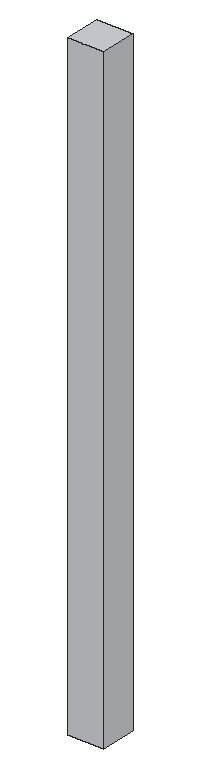
Revit family "Column", category Structural Columns, Revit 2026
Family settings
  Section Shape = Not Defined
  Material for Model Behavior = Other
  Always export as geometry = No
  Beam cutback in plan = From bounding box
  Classification Number = 23.25.30.11.14.11
  Cut with Voids When Loaded = No
  Symbolic Representation = From Family
  Shared = No
  Show family pre-cut in plan views = Yes
Parameters (values of type "200x200")
  Structural Material [instance] = Concrete, Cast-in-Place - C35
  Height = 3500 mm
  Depth = 200 mm
  Width = 200 mm
Types (12, lengths in mm): name | Depth | Width
  200x200 | 200 | 200
  360x200 | 200 | 360
  200x1090 | 200 | 1090
  200x760 | 200 | 760
  200x380 | 200 | 380
  200x300 | 200 | 300
  200x580 | 200 | 580
  200x640 | 200 | 640
  250x250 | 250 | 250
  330x360 | 360 | 330
  200x360 | 360 | 200
  200x240 | 240 | 200
Reference planes
  plane 1 "Center (Front/Back)": y = 0
  plane 2: z = 0
  plane 3 "Center (Left/Right)": x = 0
  plane 4 "Left": x = -250
  plane 5 "Right": x = 250
  plane 6 "Back": y = 250
  plane 7 "Front": y = -250
Forms (mm)
  Extrusion 1, solid
    sketch origin (0, 0, 0) x (1, 0, 0) y (0, 1, 0)
      loop
        line (-100, 100) -> (-100, -100) -> (100, -100) -> (100, 100) -> (-100, 100)
    from 0 to 3500
Dimensions and locks
  equal spacing: plane 4 "Left", plane 3 "Center (Left/Right)", plane 5 "Right"
  equal spacing: plane 7 "Front", plane 1 "Center (Front/Back)", plane 6 "Back"
  "Width": Extrusion 1 to Extrusion 1
  "Depth": Extrusion 1 to Extrusion 1
  "Height": Extrusion 1 to Extrusion 1
  aligned and locked: level to plane 2
Automatic sketch dimensions
  Extrusion 1 sketch curve to plane 3 "Center (Left/Right)" = 100 mm
  plane 3 "Center (Left/Right)" to Extrusion 1 sketch curve = 100 mm
  plane 1 "Center (Front/Back)" to Extrusion 1 sketch curve = 100 mm
  Extrusion 1 sketch curve to plane 1 "Center (Front/Back)" = 100 mm
